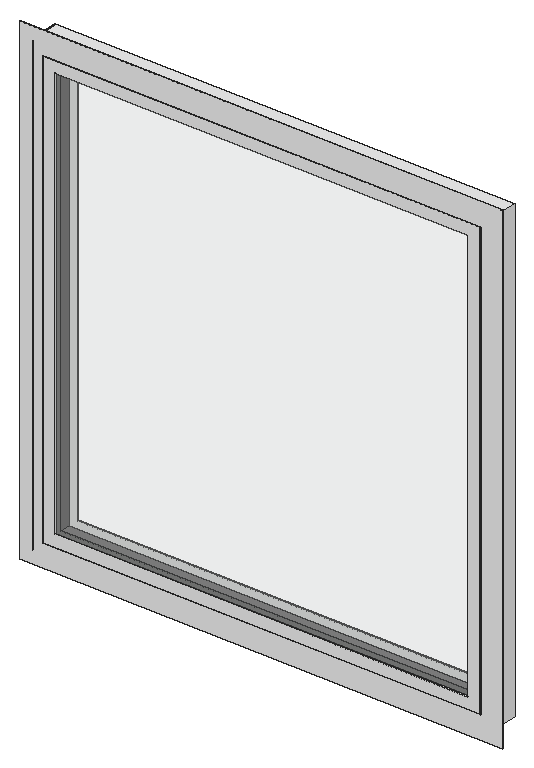
Revit family "Casement_36_C_Side_Hung_Custom", category Windows, host Wall, Revit 2014
Parameters (values of type "Casement_Sash_DG")
  Width Sash [instance] = 30 mm
  Width Sash Inner = 15 mm
  Width Bead = 15 mm
  Top Hung [instance] = yes
  Side Hung Right [instance] = yes
  Side Hung Left [instance] = yes
  Sash Opening Width [instance] = 600 mm
  Sash Opening Height [instance] = 600.312 mm
  Sash Lip = 15 mm
  Glazing Material [instance] = Glass
  DG Start Piece 2 [instance] = DG End Piece 1 + DG Gasket Thickness  # 25 mm
  DG Start Peice 1 [instance] = (Depth Sash - (2 * DG Glazing Thickness) - DG Gasket Thickness) / 2  # 6.6 mm
  Glazing Offset = 5 mm
  DG Glazing Thickness [instance] = 6.4 mm
  DG Gasket Thickness = 12 mm  # constant formula
  DG Gasket Material [instance] = Double Glazing Gasket Material
  DG End Piece 2 [instance] = DG Start Piece 2 + DG Glazing Thickness  # 31.4 mm
  DG End Piece 1 [instance] = DG Start Peice 1 + DG Glazing Thickness  # 13 mm
  Depth Sash [instance] = 38 mm
  Center Vertical Sash [instance] = Sash Opening Height / 2  # 300.156 mm
  Center Horizontal Sash [instance] = Sash Opening Width / 2  # 300 mm
  Bottom Hung [instance] = yes
  Bead Offset = 15 mm
  Aluminium Thickness = 1 mm
  Aluminium Material [instance] = White Powder Coated Aluminium
Reference planes
  plane 1 "Center (Front/Back)": y = 0
  plane 2: z = 0
  plane 3 "Center (Left/Right)": x = 0
Forms (mm)
  Sweep 1, solid, material "White Powder Coated Aluminium" <- "Aluminium Material"
    path origin (16.177, 0, 121.331) x (1, 0, 0) y (0, 0, 1)
      loop
        line (0, 0) -> (600, 0) -> (600, 600.312) -> (0, 600.312) -> (0, 0)
    profile origin (316.177, 0, 121.331) x (0, 0, 1) y (0, -1, 0)
      loop
        line (0, 0) -> (30, 0) -> (30, 1) -> (15, 1) -> (15, 38) -> (-15, 38) -> (-15, 37) -> (0, 37) -> (0, 0)
      loop
        line (14, 1) -> (14, 37) -> (1, 37) -> (1, 1) -> (14, 1)
  Sweep 2, solid, material "White Powder Coated Aluminium" <- "Aluminium Material"
    path origin (0, 0, 0) x (1, 0, 0) y (0, 0, 1)
      loop
        line (31.177, 706.643) -> (31.177, 136.331) -> (601.177, 136.331) -> (601.177, 706.643) -> (31.177, 706.643)
    profile origin (316.177, 0, 706.643) x (0, 0, 1) y (0, -1, 0)
      loop
        line (0, 37) -> (0, 38) -> (-15, 38) -> (-15, 37) -> (0, 37)
  Extrusion 3, solid, material "Glass" <- "Glazing Material"
    sketch origin (0, 0, 0) x (1, 0, 0) y (0, 0, 1)
      loop
        line (36.177, 701.643) -> (36.177, 141.331) -> (596.177, 141.331) -> (596.177, 701.643) -> (36.177, 701.643)
    from 6.6 <- "DG Start Peice 1" to 13 <- "DG End Piece 1"
  Extrusion 4, solid, material "Glass" <- "Glazing Material"
    sketch origin (0, 0, 0) x (1, 0, 0) y (0, 0, 1)
      loop
        line (36.177, 701.643) -> (36.177, 141.331) -> (596.177, 141.331) -> (596.177, 701.643) -> (36.177, 701.643)
    from 31.4 <- "DG End Piece 2" to 25 <- "DG Start Piece 2"
  Sweep 5, solid, material "Double Glazing Gasket Material" <- "DG Gasket Material"
    path origin (0, -13, 0) x (1, 0, 0) y (0, 0, 1)
      loop
        line (36.177, 701.643) -> (36.177, 141.331) -> (596.177, 141.331) -> (596.177, 701.643) -> (36.177, 701.643)
    profile origin (316.177, -13, 701.643) x (0, 0, 1) y (0, -1, 0)
      loop
        line (0, 0) -> (0, 12) -> (-7.96, 12) -> (-7.96, 0) -> (0, 0)
Lines and regions (mm)
  model lines
    curve 1: line (1.177, -38, 736.643) -> (31.177, -38, 706.643)
    curve 2: line (601.177, -38, 706.643) -> (631.177, -38, 736.643)
    curve 3: line (601.177, -38, 136.331) -> (631.177, -38, 106.331)
    curve 4: line (1.177, -38, 106.331) -> (31.177, -38, 136.331)
    curve 5: line (631.177, -37, 736.643) -> (616.177, -37, 721.643)
    curve 6: line (1.177, -37, 736.643) -> (16.177, -37, 721.643)
    curve 7: line (1.177, -37, 106.331) -> (16.177, -37, 121.331)
    curve 8: line (631.177, -37, 106.331) -> (616.177, -37, 121.331)
    curve 9: line (616.177, 0, 121.331) -> (586.177, 0, 151.331)
    curve 10: line (46.177, 0, 151.331) -> (16.177, 0, 121.331)
    curve 11: line (616.177, 0, 721.643) -> (586.177, 0, 691.643)
    curve 12: line (46.177, 0, 691.643) -> (16.177, 0, 721.643)
    curve 13: line (31.177, -38, 691.643) -> (46.177, -38, 691.643)
    curve 14: line (586.177, -38, 691.643) -> (601.177, -38, 691.643)
    curve 15: line (586.177, -38, 151.331) -> (601.177, -38, 151.331)
    curve 16: line (31.177, -38, 151.331) -> (46.177, -38, 151.331)
  model lines, style "GenericModelHiddenLines", visible <- "Top Hung"
    curve 17: line (46.386, -31.4, 690.914) -> (316.177, -31.4, 151.331)
    curve 18: line (316.177, -31.4, 151.331) -> (586.177, -31.4, 691.331)
  model lines, style "GenericModelHiddenLines", visible <- "Bottom Hung"
    curve 19: line (46.177, -31.4, 151.331) -> (316.177, -31.4, 691.331)
    curve 20: line (316.177, -31.4, 691.331) -> (586.177, -31.4, 151.331)
  model lines, style "GenericModelHiddenLines", visible <- "Side Hung Left"
    curve 21: line (46.386, -31.4, 690.914) -> (585.24, -31.4, 421.487)
    curve 22: line (585.24, -31.4, 421.487) -> (46.177, -31.4, 151.331)
  model lines, style "GenericModelHiddenLines", visible <- "Side Hung Right"
    curve 23: line (586.177, -31.4, 691.331) -> (46.177, -31.4, 421.487)
    curve 24: line (46.177, -31.4, 421.487) -> (586.177, -31.4, 151.331)
Dimensions and locks
  "Aluminium Thickness": Sweep 1 sketch curve to Sweep 1 sketch curve  (x4)
  "Depth Sash": Sweep 1 sketch curve to Sweep 1 sketch curve
  "Sash Opening Width": Sweep 1 to Sweep 1
  "Sash Opening Height": Sweep 1 to Sweep 1
  "Width Sash": Sweep 1 sketch curve to Sweep 1 sketch curve  (x2)
  "Width Sash Inner": Sweep 1 sketch curve to Sweep 1 sketch curve
  "Sash Lip": Sweep 1 sketch curve to Sweep 1 sketch curve
  "Aluminium Thickness": Sweep 1 to Sweep 2 sketch curve
  "Glazing Offset": Sweep 2 to Extrusion 3 sketch curve  (x3)
  "Glazing Offset": Extrusion 3 sketch curve to Sweep 2
  Sweep 1 to Sweep 1 = 1 mm
  "Aluminium Thickness": Sweep 2 sketch curve to Sweep 2 sketch curve
  "Width Bead": Sweep 2 sketch curve to Sweep 2 sketch curve
  locked: Sweep 5 sketch curve to Sweep 5 sketch curve at 7.96
  "Center Horizontal Sash": Sweep 1 to curve 18
  "Center Horizontal Sash": Sweep 1 to curve 20
  "Center Vertical Sash": Sweep 1 to curve 22
  "Center Vertical Sash": Sweep 1 to curve 24
  aligned and locked: level to plane 2
  aligned and locked: Sweep 1 sketch curve to Sweep 1 sketch curve  (x2)
  aligned and locked: Sweep 2 sketch curve to Sweep 1  (x5)
  aligned and locked: Extrusion 4 sketch curve to Extrusion 3  (x4)
  aligned and locked: Sweep 5 sketch curve to Extrusion 3  (x5)
  aligned and locked: Extrusion 3 to Sweep 5 sketch curve
Automatic sketch dimensions
  plane 3 "Center (Left/Right)" to Sweep 1 sketch curve = 16.177 mm
  level to Sweep 1 sketch curve = 121.331 mm
  plane 3 "Center (Left/Right)" to Sweep 1 sketch curve = 616.177 mm
  level to Sweep 1 sketch curve = 721.643 mm
  profile plane to Sweep 5 sketch curve = 12 mm
  curve 7 to Sweep 1 = 0 mm  (x4)
  curve 6 to Sweep 1 = 0 mm  (x3)
  Sweep 1 to curve 6 = 0 mm
  curve 5 to Sweep 1 = 0 mm  (x3)
  curve 8 to Sweep 1 = 0 mm  (x4)
  Sweep 1 to curve 5 = 0 mm
  curve 16 to Sweep 2 = 0 mm  (x3)
  curve 13 to Sweep 2 = 0 mm  (x3)
  curve 15 to Sweep 2 = 0 mm
  Sweep 2 to curve 15 = 0 mm  (x2)
  curve 14 to Sweep 2 = 0 mm  (x2)
  Sweep 2 to curve 14 = 0 mm
  curve 1 to Sweep 1 = 0 mm  (x4)
  curve 4 to Sweep 1 = 0 mm  (x3)
  Sweep 1 to curve 4 = 0 mm
  curve 3 to Sweep 1 = 0 mm  (x3)
  curve 2 to Sweep 1 = 0 mm  (x4)
  Sweep 1 to curve 3 = 0 mm
  curve 10 to Sweep 1 = 0 mm  (x4)
  curve 12 to Sweep 1 = 0 mm  (x3)
  Sweep 1 to curve 12 = 0 mm
  curve 9 to Sweep 1 = 0 mm  (x4)
  curve 11 to Sweep 1 = 0 mm  (x3)
  Sweep 1 to curve 11 = 0 mm
  Sweep 1 sketch curve to plane 1 "Center (Front/Back)" = 0 mm
  profile plane to Sweep 1 sketch curve = 0 mm
  curve 21 to Extrusion 4 = 10.208 mm
  curve 19 to Extrusion 4 = 10 mm
  curve 23 to Extrusion 4 = 10 mm  (x2)
  curve 22 to Extrusion 4 = 10.937 mm
  curve 20 to Extrusion 4 = 10 mm
  curve 24 to Extrusion 4 = 10 mm
  curve 22 to Extrusion 4 = 10 mm
  curve 18 to Extrusion 4 = 10 mm
  curve 21 to Extrusion 4 = 10.729 mm
  curve 19 to Extrusion 4 = 10.312 mm
  curve 18 to Extrusion 4 = 10.312 mm
